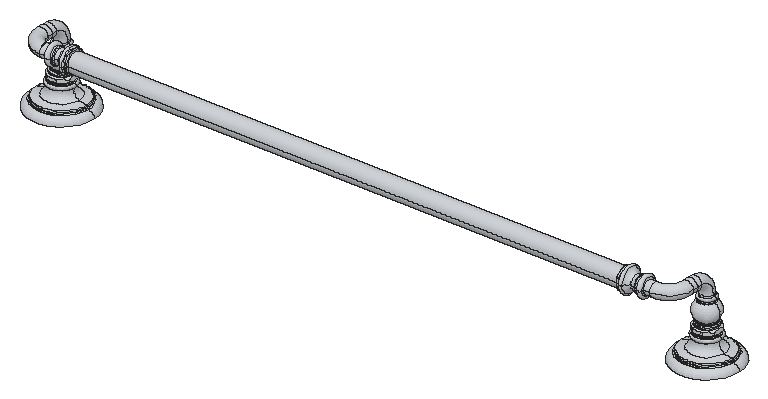
Revit family "Accessory-Towel_Bar-KOHLER-Artifacts-K-72569", category Specialty Equipment, host Face, Revit 2015
Parameters (values of type "CP-Polished Chrome")
  Width = 3 1/2"  # constant formula
  URL = "https://www.us.kohler.com/us/"
  Type = 1
  Product Page URL = "http://www.us.kohler.com/us/catalog/productDetails.jsp?productNumber=72569"
  Product Name = "Artifacts"  # constant formula
  Product Documentation Link = "http://www.us.kohler.com/onlinecatalog/pdf/K-72569_spec.pdf"
  Model = if(Type = 1, "K-72569-CP", if(Type = 2, "K-72569-SN", if(Type = 3, "K-72569-BN", if(Type = 4, "K-72569-BV", if(Type = 5, "K-72569-2BZ", if(Type = 6, "K-72569-VNT", "NA"))))))  # "K-72569-CP"
  Material = "Premium Metal Construction"  # constant formula
  MasterFormat 2004 = "10.28.13"  # constant formula
  MasterFormat 1995 = "10820"  # constant formula
  Manufacturer Address = "444 Highland Dr, Kohler, WI 53044"  # constant formula
  Manufacturer = "KOHLER Co."  # constant formula
  Length = 30"  # constant formula
  Height = 3"  # constant formula
  Finish = Kohler-Metal-CP-Polished_Chrome
  Environmental Product Declaration = ""
  Description = "30 Inch towel bar"  # constant formula
  Default Elevation = 42"
  Declare Label = ""
  Date Modified = "10/11/2018"  # constant formula
  Date Created = "10/11/2018"  # constant formula
  Copyright = "Copyright KOHLER Co."  # constant formula
  Contact Us = "https://www.us.kohler.com/us/static/contact.jsp"
  Assembly Code = "C1030200"
  ADA Compliant = 1 = 0  # no
Reference planes (in)
  plane 1 "Center (Front/Back)": y = 0
  plane 2: z = 0
  plane 3 "Center (Left/Right)": x = 0
  plane 4: z = 3.5
  plane 5: x = 15
  plane 6: x = -15
  plane 7: y = 1.49813
  plane 8: y = -1.50187
Dimensions and locks (in)
  "Width": plane 2 to plane 4
  equal spacing: plane 6, plane 3 "Center (Left/Right)", plane 5
  "Length": plane 6 to plane 5
  "Height": plane 7 to plane 8
  aligned and locked: plane 2 to host face
  aligned and locked: level to host face
  aligned and locked: plane 5 to nested 1
  aligned and locked: plane 6 to nested 1
Automatic sketch dimensions
  host sketch curve to host sketch curve = 96"  (x2)
Nested families (in)
  nested 1: "K-72569" at (0, -0.00187, 0) x (-1, 0, 0) z (0, 0, 1), type "K-72569"
Definition of nested family "K-72569"
  Parameters (values of type "K-72569")
    Towel Bar Length = 30"
    Material = none
  Reference planes (in)
    plane 1 "Center (Front/Back)": y = 0
    plane 2: z = 0
    plane 3 "Center (Left/Right)": x = 0
    plane 4 "B": x = -15
    plane 5 "C": x = 15
    plane 6 "A": z = 3.5
    plane 7: y = 1.5
    plane 8: y = -1.5
  Forms (in)
    Revolve 1, solid, material <- "Material", detail levels medium+fine
      sketch origin (0, 0, 0) x (1, 0, 0) y (0, 0, 1)
        loop
          line (-15, 2.71528) -> (-15, 0) -> (-13.49907, 0)
          arc (-13.49907, 0) -> (-13.57054, 0.1994) -> (-13.7524, 0.30799) r 0.31389
          arc (-13.7524, 0.30799) -> (-13.77514, 0.3133) -> (-13.79746, 0.32019) r 0.33281
          arc (-13.79746, 0.32019) -> (-13.81457, 0.33302) -> (-13.82108, 0.35339) r 0.03516
          line (-13.82108, 0.35339) -> (-13.82108, 0.41171)
          arc (-13.82108, 0.41171) -> (-13.8288, 0.43197) -> (-13.84805, 0.44196) r 0.03045
          arc (-13.84805, 0.44196) -> (-14.02743, 0.47459) -> (-14.20101, 0.53036) r 1.39392
          arc (-14.20101, 0.53036) -> (-14.40093, 0.71815) -> (-14.41766, 0.99193) r 0.37177
          arc (-14.41766, 0.99193) -> (-14.40906, 1.00567) -> (-14.39504, 1.0138) r 0.03371
          arc (-14.39504, 1.0138) -> (-14.35097, 1.0821) -> (-14.41237, 1.13536) r 0.06202
          line (-14.41237, 1.13536) -> (-14.45712, 1.13536)
          arc (-14.45712, 1.13536) -> (-14.47922, 1.14452) -> (-14.48837, 1.16661) r 0.03125
          line (-14.48837, 1.16661) -> (-14.48837, 1.2193)
          arc (-14.48837, 1.2193) -> (-14.47622, 1.24925) -> (-14.44663, 1.26225) r 0.04297
          line (-14.44663, 1.26225) -> (-14.35559, 1.32681) -> (-14.35559, 1.40268) -> (-14.50016, 1.48615) -> (-14.53751, 1.48615)
          arc (-14.53751, 1.48615) -> (-14.51654, 1.49483) -> (-14.50786, 1.51579) r 0.02964
          line (-14.50786, 1.51579) -> (-14.50786, 1.5771)
          arc (-14.50786, 1.5771) -> (-14.51697, 1.59909) -> (-14.53896, 1.60819) r 0.0311
          line (-14.53896, 1.60819) -> (-14.57507, 1.60819)
          arc (-14.57507, 1.60819) -> (-14.59717, 1.61735) -> (-14.60632, 1.63944) r 0.03125
          line (-14.60632, 1.63944) -> (-14.60632, 1.68221)
          arc (-14.60632, 1.68221) -> (-14.60079, 1.7072) -> (-14.58523, 1.72752) r 0.05922
          arc (-14.58523, 1.72752) -> (-14.41679, 2.11247) -> (-14.6202, 2.48014) r 0.4743
          arc (-14.6202, 2.48014) -> (-14.63871, 2.50111) -> (-14.64539, 2.52828) r 0.05859
          line (-14.64539, 2.52828) -> (-14.64539, 2.61223)
          arc (-14.64539, 2.61223) -> (-14.6012, 2.66723) -> (-14.65286, 2.71528) r 0.0518
          line (-14.65286, 2.71528) -> (-15, 2.71528)
        axis (-15, 0) -> (-15, 2.71528)
      angle from 0 to 360
    Sweep 2, solid, material <- "Material", detail levels medium+fine
      path origin (0, 0.03576, 3.5) x (0, 1, 0) y (-1, 0, 0)
        loop
          line (1.96331, 13.87008) -> (1.96331, 14.17578)
          arc (1.96331, 14.17578) -> (1.7219, 14.75859) -> (1.13909, 15) r 0.82422
          line (1.13909, 15) -> (0.88909, 15)
      profile origin (-14.02293, 1.99907, 3.5) x (0, -1, 0) y (0, 0, 1)
        loop
          circle (0, 0) r 0.29625
    Revolve 3, solid, material <- "Material", detail levels medium+fine
      sketch origin (0, 0, 3.5) x (0, 1, 0) y (-1, 0, 0)
        loop
          line (1.99907, -13.87008) -> (2.36984, -13.87008)
          arc (2.36984, -13.87008) -> (2.47634, -13.76851) -> (2.37993, -13.65732) r 0.10662
          line (2.37993, -13.65732) -> (2.37993, -13.55096)
          arc (2.37993, -13.55096) -> (2.3751, -13.53201) -> (2.3618, -13.51767) r 0.03963
          arc (2.3618, -13.51767) -> (2.34714, -13.50584) -> (2.33531, -13.49119) r 0.08906
          arc (2.33531, -13.49119) -> (2.2988, -13.3972) -> (2.30242, -13.29642) r 0.24986
          arc (2.30242, -13.29642) -> (2.38658, -13.14924) -> (2.53612, -13.06934) r 0.3064
          arc (2.53612, -13.06934) -> (2.58471, -13.01588) -> (2.54959, -12.95274) r 0.06194
          arc (2.54959, -12.95274) -> (2.52491, -12.93096) -> (2.51573, -12.89935) r 0.05903
          line (2.51573, -12.89935) -> (2.51573, -12.81717)
          arc (2.51573, -12.81717) -> (2.50701, -12.79612) -> (2.48596, -12.7874) r 0.02977
          line (2.48596, -12.7874) -> (2.43316, -12.7874) -> (2.43316, 12.7874) -> (2.48596, 12.7874)
          arc (2.48596, 12.7874) -> (2.50701, 12.79612) -> (2.51573, 12.81717) r 0.02977
          line (2.51573, 12.81717) -> (2.51573, 12.89935)
          arc (2.51573, 12.89935) -> (2.52491, 12.93096) -> (2.54959, 12.95274) r 0.05903
          arc (2.54959, 12.95274) -> (2.58471, 13.01588) -> (2.53612, 13.06934) r 0.06194
          arc (2.53612, 13.06934) -> (2.38658, 13.14924) -> (2.30242, 13.29642) r 0.3064
          arc (2.30242, 13.29642) -> (2.2988, 13.3972) -> (2.33531, 13.49119) r 0.24986
          arc (2.33531, 13.49119) -> (2.34714, 13.50584) -> (2.3618, 13.51767) r 0.08906
          arc (2.3618, 13.51767) -> (2.3751, 13.53201) -> (2.37993, 13.55096) r 0.03963
          line (2.37993, 13.55096) -> (2.37993, 13.65732)
          arc (2.37993, 13.65732) -> (2.47634, 13.76851) -> (2.36984, 13.87008) r 0.10662
          line (2.36984, 13.87008) -> (2.29531, 13.87008) -> (1.99907, 13.87008) -> (1.99907, -13.87008)
        axis (1.99907, 13.87008) -> (1.99907, -13.87008)
      angle from 0 to 360
    Extrusion 4, void
      sketch origin (0, 0, 0) x (1, 0, 0) y (0, 1, 0)
        loop
          line (-15.5625, 0.233) -> (-15.5625, -0.233) -> (-15.233, -0.5625) -> (-14.767, -0.5625) -> (-14.4375, -0.233) -> (-14.4375, 0.233) -> (-14.767, 0.5625) -> (-15.233, 0.5625) -> (-15.5625, 0.233)
        loop
          circle (-15, 0) r 0.8824
      from 1.25114 to 1.48615
    Revolve 5, solid, material <- "Material", detail levels coarse
      sketch origin (0, 0, 0) x (1, 0, 0) y (0, 0, 1)
        loop
          line (-15, 0) -> (-15, 3.06322) -> (-15.29529, 3.06322) -> (-15.29529, 2.71528) -> (-15.42493, 2.71528) -> (-16.50093, 0) -> (-15, 0)
        axis (-15, 0) -> (-15, 3.06322)
      angle from 0 to 360
    Extrusion 6, solid, material <- "Material", detail levels coarse
      sketch origin (0, 0, 0) x (1, 0, 0) y (0, 1, 0)
        loop
          line (-15.39407, -0.36557) -> (-14.62654, -0.36557) -> (-14.62654, 1.41342) -> (14.59173, 1.41342) -> (14.59173, -0.34297) -> (15.38774, -0.34297) -> (15.38774, 2.58471) -> (-15.39407, 2.58471) -> (-15.39407, -0.36557)
      from 2.9322 to 4.09825
    Revolve 7, solid, material <- "Material", detail levels coarse
      sketch origin (0, 0, 0) x (-1, 0, 0) y (0, 0, 1)
        loop
          line (-15, 0) -> (-15, 3.08391) -> (-15.29529, 3.08391) -> (-15.29529, 2.71528) -> (-15.42493, 2.71528) -> (-16.50093, 0) -> (-15, 0)
        axis (-15, 0) -> (-15, 3.08391)
      angle from 0 to 360
    Sweep 8, solid, material <- "Material", detail levels medium+fine
      path origin (-15, 0, 0) x (0, 0, -1) y (0, -1, 0)
        loop
          line (-3.5, -0.92485) -> (-3.5, -0.69922)
          arc (-3.5, -0.69922) -> (-3.2952, -0.2048) -> (-2.80078, 0) r 0.69922
          line (-2.80078, 0) -> (-2.71528, 0)
      profile origin (-15, 0, 2.75803) x (-1, 0, 0) y (0, -1, 0)
        loop
          circle (0, 0) r 0.29625
    Sweep 9, solid, material <- "Material", detail levels medium+fine
      path origin (15, 0, 0) x (0, 0, -1) y (0, -1, 0)
        loop
          line (-3.5, -0.92485) -> (-3.5, -0.69922)
          arc (-3.5, -0.69922) -> (-3.2952, -0.2048) -> (-2.80078, 0) r 0.69922
          line (-2.80078, 0) -> (-2.71528, 0)
      profile origin (15, 0, 2.75803) x (-1, 0, 0) y (0, -1, 0)
        loop
          circle (0, 0) r 0.29625
    Sweep 10, solid, material <- "Material", detail levels medium+fine
      path origin (0, 0.03576, 3.5) x (0, 1, 0) y (1, 0, 0)
        loop
          line (1.96331, 13.87008) -> (1.96331, 14.17578)
          arc (1.96331, 14.17578) -> (1.7219, 14.75859) -> (1.13909, 15) r 0.82422
          line (1.13909, 15) -> (0.88909, 15)
      profile origin (14.02293, 1.99907, 3.5) x (0, 1, 0) y (0, 0, 1)
        loop
          circle (0, 0) r 0.29625
    Revolve 11, solid, material <- "Material", detail levels medium+fine
      sketch origin (0, 0, 0) x (-1, 0, 0) y (0, 0, 1)
        loop
          line (-15, 2.71528) -> (-15, 0) -> (-13.49907, 0)
          arc (-13.49907, 0) -> (-13.57054, 0.1994) -> (-13.7524, 0.30799) r 0.31389
          arc (-13.7524, 0.30799) -> (-13.77514, 0.3133) -> (-13.79746, 0.32019) r 0.33281
          arc (-13.79746, 0.32019) -> (-13.81457, 0.33302) -> (-13.82108, 0.35339) r 0.03516
          line (-13.82108, 0.35339) -> (-13.82108, 0.41171)
          arc (-13.82108, 0.41171) -> (-13.8288, 0.43197) -> (-13.84805, 0.44196) r 0.03045
          arc (-13.84805, 0.44196) -> (-14.02743, 0.47459) -> (-14.20101, 0.53036) r 1.39392
          arc (-14.20101, 0.53036) -> (-14.40093, 0.71815) -> (-14.41766, 0.99193) r 0.37177
          arc (-14.41766, 0.99193) -> (-14.40906, 1.00567) -> (-14.39504, 1.0138) r 0.03371
          arc (-14.39504, 1.0138) -> (-14.35097, 1.0821) -> (-14.41237, 1.13536) r 0.06202
          line (-14.41237, 1.13536) -> (-14.45712, 1.13536)
          arc (-14.45712, 1.13536) -> (-14.47922, 1.14452) -> (-14.48837, 1.16661) r 0.03125
          line (-14.48837, 1.16661) -> (-14.48837, 1.2193)
          arc (-14.48837, 1.2193) -> (-14.47622, 1.24925) -> (-14.44663, 1.26225) r 0.04297
          line (-14.44663, 1.26225) -> (-14.35559, 1.32681) -> (-14.35559, 1.40268) -> (-14.50016, 1.48615) -> (-14.53751, 1.48615)
          arc (-14.53751, 1.48615) -> (-14.51654, 1.49483) -> (-14.50786, 1.51579) r 0.02964
          line (-14.50786, 1.51579) -> (-14.50786, 1.5771)
          arc (-14.50786, 1.5771) -> (-14.51697, 1.59909) -> (-14.53896, 1.60819) r 0.0311
          line (-14.53896, 1.60819) -> (-14.57507, 1.60819)
          arc (-14.57507, 1.60819) -> (-14.59717, 1.61735) -> (-14.60632, 1.63944) r 0.03125
          line (-14.60632, 1.63944) -> (-14.60632, 1.68221)
          arc (-14.60632, 1.68221) -> (-14.60079, 1.7072) -> (-14.58523, 1.72752) r 0.05922
          arc (-14.58523, 1.72752) -> (-14.41679, 2.11247) -> (-14.6202, 2.48014) r 0.4743
          arc (-14.6202, 2.48014) -> (-14.63871, 2.50111) -> (-14.64539, 2.52828) r 0.05859
          line (-14.64539, 2.52828) -> (-14.64539, 2.61223)
          arc (-14.64539, 2.61223) -> (-14.6012, 2.66723) -> (-14.65286, 2.71528) r 0.0518
          line (-14.65286, 2.71528) -> (-15, 2.71528)
        axis (-15, 0) -> (-15, 2.71528)
      angle from 0 to 360
    Extrusion 12, void
      sketch origin (0, 0, 0) x (-1, 0, 0) y (0, -1, 0)
        loop
          line (-15.5625, -0.233) -> (-15.233, -0.5625) -> (-14.767, -0.5625) -> (-14.4375, -0.233) -> (-14.4375, 0.233) -> (-14.767, 0.5625) -> (-15.233, 0.5625) -> (-15.5625, 0.233) -> (-15.5625, -0.233)
        loop
          circle (-15, 0) r 0.8824
      from 1.25114 to 1.48615
  Cuts and joins
    Extrusion 12 cuts Revolve 5
    joined: Revolve 5, Extrusion 6, Revolve 7
    Extrusion 4, Extrusion 12 cuts Revolve 1
    Extrusion 12 cuts Sweep 2
    Extrusion 12 cuts Revolve 3
    Extrusion 12 cuts Sweep 8
    Extrusion 12 cuts Revolve 11
    joined: Revolve 1, Sweep 2, Revolve 3, Sweep 8, Sweep 9, Sweep 10, Revolve 11
  Lines and regions (in)
    Masking region 1
      outline origin (0, 0, 0) x (1, 0, 0) y (0, 0, 1)
        loop
          line (-15, 0) -> (-13.49907, 0)
          arc (-13.49907, 0) -> (-13.57054, 0.1994) -> (-13.7524, 0.30799) r 0.31389
          arc (-13.7524, 0.30799) -> (-13.77514, 0.3133) -> (-13.79746, 0.32019) r 0.33281
          arc (-13.79746, 0.32019) -> (-13.81457, 0.33302) -> (-13.82108, 0.35339) r 0.03516
          line (-13.82108, 0.35339) -> (-13.82108, 0.41171)
          arc (-13.82108, 0.41171) -> (-13.8288, 0.43197) -> (-13.84805, 0.44196) r 0.03045
          arc (-13.84805, 0.44196) -> (-14.02743, 0.47459) -> (-14.20101, 0.53036) r 1.39392
          arc (-14.20101, 0.53036) -> (-14.40093, 0.71815) -> (-14.41766, 0.99193) r 0.37177
          arc (-14.41766, 0.99193) -> (-14.40906, 1.00567) -> (-14.39504, 1.0138) r 0.03371
          arc (-14.39504, 1.0138) -> (-14.35097, 1.0821) -> (-14.41237, 1.13536) r 0.06202
          line (-14.41237, 1.13536) -> (-14.45712, 1.13536)
          arc (-14.45712, 1.13536) -> (-14.47922, 1.14452) -> (-14.48837, 1.16661) r 0.03125
          line (-14.48837, 1.16661) -> (-14.48837, 1.2193)
          arc (-14.48837, 1.2193) -> (-14.48271, 1.24062) -> (-14.46722, 1.25632) r 0.04297
          line (-14.46722, 1.25632) -> (-14.4375, 1.26872) -> (-14.4375, 1.44997) -> (-14.50016, 1.48615) -> (-14.53751, 1.48615)
          arc (-14.53751, 1.48615) -> (-14.51654, 1.49483) -> (-14.50786, 1.51579) r 0.02964
          line (-14.50786, 1.51579) -> (-14.50786, 1.5771)
          arc (-14.50786, 1.5771) -> (-14.51697, 1.59909) -> (-14.53896, 1.60819) r 0.0311
          line (-14.53896, 1.60819) -> (-14.57507, 1.60819)
          arc (-14.57507, 1.60819) -> (-14.59717, 1.61735) -> (-14.60632, 1.63944) r 0.03125
          line (-14.60632, 1.63944) -> (-14.60632, 1.68221)
          arc (-14.60632, 1.68221) -> (-14.60079, 1.7072) -> (-14.58523, 1.72752) r 0.05922
          arc (-14.58523, 1.72752) -> (-14.41679, 2.11247) -> (-14.6202, 2.48014) r 0.4743
          arc (-14.6202, 2.48014) -> (-14.63871, 2.50111) -> (-14.64539, 2.52828) r 0.05859
          line (-14.64539, 2.52828) -> (-14.64539, 2.61223)
          arc (-14.64539, 2.61223) -> (-14.6012, 2.66723) -> (-14.65286, 2.71528) r 0.0518
          line (-14.65286, 2.71528) -> (-14.70375, 2.71528) -> (-14.70375, 3.20375) -> (-13.87008, 3.20375) -> (-13.87008, 3.12923)
          arc (-13.87008, 3.12923) -> (-13.76851, 3.02273) -> (-13.65732, 3.11914) r 0.10662
          line (-13.65732, 3.11914) -> (-13.55096, 3.11914)
          arc (-13.55096, 3.11914) -> (-13.53201, 3.12397) -> (-13.51767, 3.13727) r 0.03963
          arc (-13.51767, 3.13727) -> (-13.50584, 3.15192) -> (-13.49119, 3.16376) r 0.08906
          arc (-13.49119, 3.16376) -> (-13.3972, 3.20027) -> (-13.29642, 3.19665) r 0.24986
          arc (-13.29642, 3.19665) -> (-13.14924, 3.11249) -> (-13.06934, 2.96294) r 0.3064
          arc (-13.06934, 2.96294) -> (-13.01588, 2.91435) -> (-12.95274, 2.94947) r 0.06194
          arc (-12.95274, 2.94947) -> (-12.93096, 2.97416) -> (-12.89935, 2.98333) r 0.05903
          line (-12.89935, 2.98333) -> (-12.81717, 2.98333)
          arc (-12.81717, 2.98333) -> (-12.79612, 2.99205) -> (-12.7874, 3.0131) r 0.02977
          line (-12.7874, 3.0131) -> (-12.7874, 3.06591) -> (12.7874, 3.06591) -> (12.7874, 3.0131)
          arc (12.7874, 3.0131) -> (12.79612, 2.99205) -> (12.81717, 2.98333) r 0.02977
          line (12.81717, 2.98333) -> (12.89935, 2.98333)
          arc (12.89935, 2.98333) -> (12.93096, 2.97416) -> (12.95274, 2.94947) r 0.05903
          arc (12.95274, 2.94947) -> (13.01588, 2.91435) -> (13.06934, 2.96294) r 0.06194
          arc (13.06934, 2.96294) -> (13.14924, 3.11249) -> (13.29642, 3.19665) r 0.3064
          arc (13.29642, 3.19665) -> (13.3972, 3.20027) -> (13.49119, 3.16376) r 0.24986
          arc (13.49119, 3.16376) -> (13.50584, 3.15192) -> (13.51767, 3.13727) r 0.08906
          arc (13.51767, 3.13727) -> (13.53201, 3.12397) -> (13.55096, 3.11914) r 0.03963
          line (13.55096, 3.11914) -> (13.65732, 3.11914)
          arc (13.65732, 3.11914) -> (13.76851, 3.02273) -> (13.87008, 3.12923) r 0.10662
          line (13.87008, 3.12923) -> (13.87008, 3.20375) -> (14.70375, 3.20375) -> (14.70375, 2.71528) -> (14.65286, 2.71528)
          arc (14.65286, 2.71528) -> (14.6012, 2.66723) -> (14.64539, 2.61223) r 0.0518
          line (14.64539, 2.61223) -> (14.64539, 2.52828)
          arc (14.64539, 2.52828) -> (14.63871, 2.50111) -> (14.6202, 2.48014) r 0.05859
          arc (14.6202, 2.48014) -> (14.41679, 2.11247) -> (14.58523, 1.72752) r 0.4743
          arc (14.58523, 1.72752) -> (14.60079, 1.7072) -> (14.60632, 1.68221) r 0.05922
          line (14.60632, 1.68221) -> (14.60632, 1.63944)
          arc (14.60632, 1.63944) -> (14.59717, 1.61735) -> (14.57507, 1.60819) r 0.03125
          line (14.57507, 1.60819) -> (14.53896, 1.60819)
          arc (14.53896, 1.60819) -> (14.51697, 1.59909) -> (14.50786, 1.5771) r 0.0311
          line (14.50786, 1.5771) -> (14.50786, 1.51579)
          arc (14.50786, 1.51579) -> (14.51654, 1.49483) -> (14.53751, 1.48615) r 0.02964
          line (14.53751, 1.48615) -> (14.50016, 1.48615) -> (14.4375, 1.44997) -> (14.4375, 1.26872) -> (14.46722, 1.25632)
          arc (14.46722, 1.25632) -> (14.48271, 1.24062) -> (14.48837, 1.2193) r 0.04297
          line (14.48837, 1.2193) -> (14.48837, 1.16661)
          arc (14.48837, 1.16661) -> (14.47922, 1.14452) -> (14.45712, 1.13536) r 0.03125
          line (14.45712, 1.13536) -> (14.41237, 1.13536)
          arc (14.41237, 1.13536) -> (14.35097, 1.0821) -> (14.39504, 1.0138) r 0.06202
          arc (14.39504, 1.0138) -> (14.40906, 1.00567) -> (14.41766, 0.99193) r 0.03371
          arc (14.41766, 0.99193) -> (14.40093, 0.71815) -> (14.20101, 0.53036) r 0.37177
          arc (14.20101, 0.53036) -> (14.02743, 0.47459) -> (13.84805, 0.44196) r 1.39392
          arc (13.84805, 0.44196) -> (13.8288, 0.43197) -> (13.82108, 0.41171) r 0.03045
          line (13.82108, 0.41171) -> (13.82108, 0.35339)
          arc (13.82108, 0.35339) -> (13.81457, 0.33302) -> (13.79746, 0.32019) r 0.03516
          arc (13.79746, 0.32019) -> (13.77514, 0.3133) -> (13.7524, 0.30799) r 0.33281
          arc (13.7524, 0.30799) -> (13.57054, 0.1994) -> (13.49907, 0) r 0.31389
          line (13.49907, 0) -> (15, 0) -> (16.50093, 0)
          arc (16.50093, 0) -> (16.42946, 0.1994) -> (16.2476, 0.30799) r 0.31389
          arc (16.2476, 0.30799) -> (16.22486, 0.3133) -> (16.20254, 0.32019) r 0.33281
          arc (16.20254, 0.32019) -> (16.18543, 0.33302) -> (16.17892, 0.35339) r 0.03516
          line (16.17892, 0.35339) -> (16.17892, 0.41171)
          arc (16.17892, 0.41171) -> (16.1712, 0.43197) -> (16.15195, 0.44196) r 0.03045
          arc (16.15195, 0.44196) -> (15.97257, 0.47459) -> (15.79899, 0.53036) r 1.39392
          arc (15.79899, 0.53036) -> (15.59907, 0.71815) -> (15.58234, 0.99193) r 0.37177
          arc (15.58234, 0.99193) -> (15.59094, 1.00567) -> (15.60496, 1.0138) r 0.03371
          arc (15.60496, 1.0138) -> (15.64903, 1.0821) -> (15.58763, 1.13536) r 0.06202
          line (15.58763, 1.13536) -> (15.54288, 1.13536)
          arc (15.54288, 1.13536) -> (15.52078, 1.14452) -> (15.51163, 1.16661) r 0.03125
          line (15.51163, 1.16661) -> (15.51163, 1.2193)
          arc (15.51163, 1.2193) -> (15.51729, 1.24062) -> (15.53278, 1.25632) r 0.04297
          line (15.53278, 1.25632) -> (15.5625, 1.26872) -> (15.5625, 1.44997) -> (15.49984, 1.48615) -> (15.46249, 1.48615)
          arc (15.46249, 1.48615) -> (15.48346, 1.49483) -> (15.49214, 1.51579) r 0.02964
          line (15.49214, 1.51579) -> (15.49214, 1.5771)
          arc (15.49214, 1.5771) -> (15.48303, 1.59909) -> (15.46104, 1.60819) r 0.0311
          line (15.46104, 1.60819) -> (15.42493, 1.60819)
          arc (15.42493, 1.60819) -> (15.40283, 1.61735) -> (15.39368, 1.63944) r 0.03125
          line (15.39368, 1.63944) -> (15.39368, 1.68221)
          arc (15.39368, 1.68221) -> (15.39921, 1.7072) -> (15.41477, 1.72752) r 0.05922
          arc (15.41477, 1.72752) -> (15.58321, 2.11247) -> (15.3798, 2.48014) r 0.4743
          arc (15.3798, 2.48014) -> (15.36129, 2.50111) -> (15.35461, 2.52828) r 0.05859
          line (15.35461, 2.52828) -> (15.35461, 2.61223)
          arc (15.35461, 2.61223) -> (15.3988, 2.66723) -> (15.34714, 2.71528) r 0.0518
          line (15.34714, 2.71528) -> (15.29625, 2.71528) -> (15.29625, 3.5)
          arc (15.29625, 3.5) -> (15.20914, 3.70982) -> (14.99904, 3.79625) r 0.29625
          line (14.99904, 3.79625) -> (13.87008, 3.79625) -> (13.87008, 3.87077)
          arc (13.87008, 3.87077) -> (13.76851, 3.97727) -> (13.65732, 3.88086) r 0.10662
          line (13.65732, 3.88086) -> (13.55096, 3.88086)
          arc (13.55096, 3.88086) -> (13.53201, 3.87603) -> (13.51767, 3.86273) r 0.03963
          arc (13.51767, 3.86273) -> (13.50584, 3.84808) -> (13.49119, 3.83624) r 0.08906
          arc (13.49119, 3.83624) -> (13.3972, 3.79973) -> (13.29642, 3.80335) r 0.24986
          arc (13.29642, 3.80335) -> (13.14924, 3.88751) -> (13.06934, 4.03706) r 0.3064
          arc (13.06934, 4.03706) -> (13.01588, 4.08565) -> (12.95274, 4.05053) r 0.06194
          arc (12.95274, 4.05053) -> (12.93096, 4.02584) -> (12.89935, 4.01667) r 0.05903
          line (12.89935, 4.01667) -> (12.81717, 4.01667)
          arc (12.81717, 4.01667) -> (12.79612, 4.00795) -> (12.7874, 3.9869) r 0.02977
          line (12.7874, 3.9869) -> (12.7874, 3.93409) -> (-12.7874, 3.93409) -> (-12.7874, 3.9869)
          arc (-12.7874, 3.9869) -> (-12.79612, 4.00795) -> (-12.81717, 4.01667) r 0.02977
          line (-12.81717, 4.01667) -> (-12.89935, 4.01667)
          arc (-12.89935, 4.01667) -> (-12.93096, 4.02584) -> (-12.95274, 4.05053) r 0.05903
          arc (-12.95274, 4.05053) -> (-13.01588, 4.08565) -> (-13.06934, 4.03706) r 0.06194
          arc (-13.06934, 4.03706) -> (-13.14924, 3.88751) -> (-13.29642, 3.80335) r 0.3064
          arc (-13.29642, 3.80335) -> (-13.3972, 3.79973) -> (-13.49119, 3.83624) r 0.24986
          arc (-13.49119, 3.83624) -> (-13.50584, 3.84808) -> (-13.51767, 3.86273) r 0.08906
          arc (-13.51767, 3.86273) -> (-13.53201, 3.87603) -> (-13.55096, 3.88086) r 0.03963
          line (-13.55096, 3.88086) -> (-13.65732, 3.88086)
          arc (-13.65732, 3.88086) -> (-13.76851, 3.97727) -> (-13.87008, 3.87077) r 0.10662
          line (-13.87008, 3.87077) -> (-13.87008, 3.79625) -> (-14.99904, 3.79625)
          arc (-14.99904, 3.79625) -> (-15.20914, 3.70982) -> (-15.29625, 3.5) r 0.29625
          line (-15.29625, 3.5) -> (-15.29625, 2.71528) -> (-15.34714, 2.71528)
          arc (-15.34714, 2.71528) -> (-15.3988, 2.66723) -> (-15.35461, 2.61223) r 0.0518
          line (-15.35461, 2.61223) -> (-15.35461, 2.52828)
          arc (-15.35461, 2.52828) -> (-15.36129, 2.50111) -> (-15.3798, 2.48014) r 0.05859
          arc (-15.3798, 2.48014) -> (-15.58321, 2.11247) -> (-15.41477, 1.72752) r 0.4743
          arc (-15.41477, 1.72752) -> (-15.39921, 1.7072) -> (-15.39368, 1.68221) r 0.05922
          line (-15.39368, 1.68221) -> (-15.39368, 1.63944)
          arc (-15.39368, 1.63944) -> (-15.40283, 1.61735) -> (-15.42493, 1.60819) r 0.03125
          line (-15.42493, 1.60819) -> (-15.46104, 1.60819)
          arc (-15.46104, 1.60819) -> (-15.48303, 1.59909) -> (-15.49214, 1.5771) r 0.0311
          line (-15.49214, 1.5771) -> (-15.49214, 1.51579)
          arc (-15.49214, 1.51579) -> (-15.48346, 1.49483) -> (-15.46249, 1.48615) r 0.02964
          line (-15.46249, 1.48615) -> (-15.49984, 1.48615) -> (-15.5625, 1.44997) -> (-15.5625, 1.26872) -> (-15.53278, 1.25632)
          arc (-15.53278, 1.25632) -> (-15.51729, 1.24062) -> (-15.51163, 1.2193) r 0.04297
          line (-15.51163, 1.2193) -> (-15.51163, 1.16661)
          arc (-15.51163, 1.16661) -> (-15.52078, 1.14452) -> (-15.54288, 1.13536) r 0.03125
          line (-15.54288, 1.13536) -> (-15.58763, 1.13536)
          arc (-15.58763, 1.13536) -> (-15.64903, 1.0821) -> (-15.60496, 1.0138) r 0.06202
          arc (-15.60496, 1.0138) -> (-15.59094, 1.00567) -> (-15.58234, 0.99193) r 0.03371
          arc (-15.58234, 0.99193) -> (-15.59907, 0.71815) -> (-15.79899, 0.53036) r 0.37177
          arc (-15.79899, 0.53036) -> (-15.97257, 0.47459) -> (-16.15195, 0.44196) r 1.39392
          arc (-16.15195, 0.44196) -> (-16.1712, 0.43197) -> (-16.17892, 0.41171) r 0.03045
          line (-16.17892, 0.41171) -> (-16.17892, 0.35339)
          arc (-16.17892, 0.35339) -> (-16.18543, 0.33302) -> (-16.20254, 0.32019) r 0.03516
          arc (-16.20254, 0.32019) -> (-16.22486, 0.3133) -> (-16.2476, 0.30799) r 0.33281
          arc (-16.2476, 0.30799) -> (-16.42946, 0.1994) -> (-16.50093, 0) r 0.31389
          line (-16.50093, 0) -> (-15, 0)
    Masking region 2
      outline origin (0, 0, 0) x (0, 1, 0) y (0, 0, 1)
        loop
          arc (-1.20254, 0.32019) -> (-1.2249, 0.31329) -> (-1.2477, 0.30797) r 0.33281
          arc (-1.2477, 0.30797) -> (-1.42924, 0.19936) -> (-1.5, 0) r 0.3125
          line (-1.5, 0) -> (0, 0) -> (1.5, 0)
          arc (1.5, 0) -> (1.42924, 0.19936) -> (1.2477, 0.30797) r 0.3125
          arc (1.2477, 0.30797) -> (1.2249, 0.31329) -> (1.20254, 0.32019) r 0.33281
          arc (1.20254, 0.32019) -> (1.18543, 0.33302) -> (1.17892, 0.35339) r 0.03516
          line (1.17892, 0.35339) -> (1.17892, 0.41171)
          arc (1.17892, 0.41171) -> (1.1712, 0.43197) -> (1.15195, 0.44196) r 0.03045
          arc (1.15195, 0.44196) -> (0.97257, 0.47459) -> (0.79899, 0.53036) r 1.39392
          arc (0.79899, 0.53036) -> (0.59907, 0.71815) -> (0.58234, 0.99193) r 0.37177
          arc (0.58234, 0.99193) -> (0.59094, 1.00567) -> (0.60496, 1.0138) r 0.03371
          arc (0.60496, 1.0138) -> (0.64903, 1.0821) -> (0.58763, 1.13536) r 0.06202
          line (0.58763, 1.13536) -> (0.54288, 1.13536)
          arc (0.54288, 1.13536) -> (0.52078, 1.14452) -> (0.51163, 1.16661) r 0.03125
          line (0.51163, 1.16661) -> (0.51163, 1.2193)
          arc (0.51163, 1.2193) -> (0.51671, 1.23957) -> (0.53076, 1.25505) r 0.04297
          line (0.53076, 1.25505) -> (0.5625, 1.26873) -> (0.5625, 1.44997) -> (0.49984, 1.48615) -> (0.46249, 1.48615)
          arc (0.46249, 1.48615) -> (0.48346, 1.49483) -> (0.49214, 1.51579) r 0.02964
          line (0.49214, 1.51579) -> (0.49214, 1.5771)
          arc (0.49214, 1.5771) -> (0.48303, 1.59909) -> (0.46104, 1.60819) r 0.0311
          line (0.46104, 1.60819) -> (0.42493, 1.60819)
          arc (0.42493, 1.60819) -> (0.40283, 1.61735) -> (0.39368, 1.63944) r 0.03125
          line (0.39368, 1.63944) -> (0.39368, 1.68221)
          arc (0.39368, 1.68221) -> (0.39921, 1.7072) -> (0.41477, 1.72752) r 0.05922
          arc (0.41477, 1.72752) -> (0.58321, 2.11247) -> (0.3798, 2.48014) r 0.4743
          arc (0.3798, 2.48014) -> (0.36129, 2.50111) -> (0.35461, 2.52828) r 0.05859
          line (0.35461, 2.52828) -> (0.35461, 2.61223)
          arc (0.35461, 2.61223) -> (0.3988, 2.66723) -> (0.34714, 2.71528) r 0.0518
          line (0.34714, 2.71528) -> (0.29625, 2.71528) -> (0.29625, 2.82558)
          arc (0.29625, 2.82558) -> (0.42429, 3.09453) -> (0.70142, 3.20377) r 0.40613
          line (0.70142, 3.20377) -> (1.49347, 3.20377)
          arc (1.49347, 3.20377) -> (2.58505, 3.5) -> (1.49347, 3.79623) r 0.58599
          line (1.49347, 3.79623) -> (0.70142, 3.79623)
          arc (0.70142, 3.79623) -> (-0.00364, 3.50483) -> (-0.2961, 2.80051) r 0.99432
          line (-0.2961, 2.80051) -> (-0.2961, 2.71528) -> (-0.34714, 2.71528)
          arc (-0.34714, 2.71528) -> (-0.3988, 2.66723) -> (-0.35461, 2.61223) r 0.0518
          line (-0.35461, 2.61223) -> (-0.35461, 2.52828)
          arc (-0.35461, 2.52828) -> (-0.36129, 2.50111) -> (-0.3798, 2.48014) r 0.05859
          arc (-0.3798, 2.48014) -> (-0.58321, 2.11247) -> (-0.41477, 1.72752) r 0.4743
          arc (-0.41477, 1.72752) -> (-0.39921, 1.7072) -> (-0.39368, 1.68221) r 0.05922
          line (-0.39368, 1.68221) -> (-0.39368, 1.63944)
          arc (-0.39368, 1.63944) -> (-0.40283, 1.61735) -> (-0.42493, 1.60819) r 0.03125
          line (-0.42493, 1.60819) -> (-0.46104, 1.60819)
          arc (-0.46104, 1.60819) -> (-0.48303, 1.59909) -> (-0.49214, 1.5771) r 0.0311
          line (-0.49214, 1.5771) -> (-0.49214, 1.51579)
          arc (-0.49214, 1.51579) -> (-0.48346, 1.49483) -> (-0.46249, 1.48615) r 0.02964
          line (-0.46249, 1.48615) -> (-0.49984, 1.48615) -> (-0.5625, 1.44997) -> (-0.5625, 1.26873) -> (-0.53076, 1.25505)
          arc (-0.53076, 1.25505) -> (-0.51671, 1.23957) -> (-0.51163, 1.2193) r 0.04297
          line (-0.51163, 1.2193) -> (-0.51163, 1.16661)
          arc (-0.51163, 1.16661) -> (-0.52078, 1.14452) -> (-0.54288, 1.13536) r 0.03125
          line (-0.54288, 1.13536) -> (-0.58763, 1.13536)
          arc (-0.58763, 1.13536) -> (-0.64903, 1.0821) -> (-0.60496, 1.0138) r 0.06202
          arc (-0.60496, 1.0138) -> (-0.59094, 1.00567) -> (-0.58234, 0.99193) r 0.03371
          arc (-0.58234, 0.99193) -> (-0.59907, 0.71815) -> (-0.79899, 0.53036) r 0.37177
          arc (-0.79899, 0.53036) -> (-0.97257, 0.47459) -> (-1.15195, 0.44196) r 1.39392
          arc (-1.15195, 0.44196) -> (-1.1712, 0.43197) -> (-1.17892, 0.41171) r 0.03045
          line (-1.17892, 0.41171) -> (-1.17892, 0.35339)
          arc (-1.17892, 0.35339) -> (-1.18543, 0.33302) -> (-1.20254, 0.32019) r 0.03516
    Masking region 3
      outline origin (0, 0, 0) x (1, 0, 0) y (0, 1, 0)
        loop
          line (-13.87008, 2.36984) -> (-13.87008, 2.29533) -> (-14.23211, 2.29533)
          arc (-14.23211, 2.29533) -> (-14.87444, 2.05219) -> (-15.25406, 1.47984) r 1.11993
          arc (-15.25406, 1.47984) -> (-15.06275, -1.49974) -> (-14.62437, 1.45362) r 1.50124
          arc (-14.62437, 1.45362) -> (-14.43172, 1.63653) -> (-14.17453, 1.70306) r 0.53033
          line (-14.17453, 1.70306) -> (-13.87008, 1.70306) -> (-13.87008, 1.62829)
          arc (-13.87008, 1.62829) -> (-13.76851, 1.52179) -> (-13.65732, 1.6182) r 0.10662
          line (-13.65732, 1.6182) -> (-13.55096, 1.6182)
          arc (-13.55096, 1.6182) -> (-13.53201, 1.62303) -> (-13.51767, 1.63633) r 0.03963
          arc (-13.51767, 1.63633) -> (-13.50584, 1.65099) -> (-13.49119, 1.66282) r 0.08906
          arc (-13.49119, 1.66282) -> (-13.3972, 1.69933) -> (-13.29642, 1.69571) r 0.24986
          arc (-13.29642, 1.69571) -> (-13.14924, 1.61155) -> (-13.06934, 1.46201) r 0.3064
          arc (-13.06934, 1.46201) -> (-13.01588, 1.41342) -> (-12.95274, 1.44854) r 0.06194
          arc (-12.95274, 1.44854) -> (-12.93096, 1.47322) -> (-12.89935, 1.4824) r 0.05903
          line (-12.89935, 1.4824) -> (-12.81717, 1.4824)
          arc (-12.81717, 1.4824) -> (-12.79612, 1.49112) -> (-12.7874, 1.51217) r 0.02977
          line (-12.7874, 1.51217) -> (-12.7874, 1.56497) -> (12.7874, 1.56497) -> (12.7874, 1.51217)
          arc (12.7874, 1.51217) -> (12.79612, 1.49112) -> (12.81717, 1.4824) r 0.02977
          line (12.81717, 1.4824) -> (12.89935, 1.4824)
          arc (12.89935, 1.4824) -> (12.93096, 1.47322) -> (12.95274, 1.44854) r 0.05903
          arc (12.95274, 1.44854) -> (13.01588, 1.41342) -> (13.06934, 1.46201) r 0.06194
          arc (13.06934, 1.46201) -> (13.14924, 1.61155) -> (13.29642, 1.69571) r 0.3064
          arc (13.29642, 1.69571) -> (13.3972, 1.69933) -> (13.49119, 1.66282) r 0.24986
          arc (13.49119, 1.66282) -> (13.50584, 1.65099) -> (13.51767, 1.63633) r 0.08906
          arc (13.51767, 1.63633) -> (13.53201, 1.62303) -> (13.55096, 1.6182) r 0.03963
          line (13.55096, 1.6182) -> (13.65732, 1.6182)
          arc (13.65732, 1.6182) -> (13.76851, 1.52179) -> (13.87008, 1.62829) r 0.10662
          line (13.87008, 1.62829) -> (13.87008, 1.70378) -> (14.17446, 1.70378)
          arc (14.17446, 1.70378) -> (14.43216, 1.63695) -> (14.6249, 1.45331) r 0.53025
          arc (14.6249, 1.45331) -> (15.06237, -1.49964) -> (15.25313, 1.47943) r 1.50093
          arc (15.25313, 1.47943) -> (14.8514, 2.06766) -> (14.17611, 2.29435) r 1.11918
          line (14.17611, 2.29435) -> (13.87008, 2.29435) -> (13.87008, 2.36984)
          arc (13.87008, 2.36984) -> (13.76851, 2.47634) -> (13.65732, 2.37993) r 0.10662
          line (13.65732, 2.37993) -> (13.55096, 2.37993)
          arc (13.55096, 2.37993) -> (13.53201, 2.3751) -> (13.51767, 2.3618) r 0.03963
          arc (13.51767, 2.3618) -> (13.50584, 2.34714) -> (13.49119, 2.33531) r 0.08906
          arc (13.49119, 2.33531) -> (13.3972, 2.2988) -> (13.29642, 2.30242) r 0.24986
          arc (13.29642, 2.30242) -> (13.14924, 2.38658) -> (13.06934, 2.53612) r 0.3064
          arc (13.06934, 2.53612) -> (13.01588, 2.58471) -> (12.95274, 2.54959) r 0.06194
          arc (12.95274, 2.54959) -> (12.93096, 2.52491) -> (12.89935, 2.51573) r 0.05903
          line (12.89935, 2.51573) -> (12.81717, 2.51573)
          arc (12.81717, 2.51573) -> (12.79612, 2.50701) -> (12.7874, 2.48596) r 0.02977
          line (12.7874, 2.48596) -> (12.7874, 2.43316) -> (-12.7874, 2.43316) -> (-12.7874, 2.48596)
          arc (-12.7874, 2.48596) -> (-12.79612, 2.50701) -> (-12.81717, 2.51573) r 0.02977
          line (-12.81717, 2.51573) -> (-12.89935, 2.51573)
          arc (-12.89935, 2.51573) -> (-12.93096, 2.52491) -> (-12.95274, 2.54959) r 0.05903
          arc (-12.95274, 2.54959) -> (-13.01588, 2.58471) -> (-13.06934, 2.53612) r 0.06194
          arc (-13.06934, 2.53612) -> (-13.14924, 2.38658) -> (-13.29642, 2.30242) r 0.3064
          arc (-13.29642, 2.30242) -> (-13.3972, 2.2988) -> (-13.49119, 2.33531) r 0.24986
          arc (-13.49119, 2.33531) -> (-13.50584, 2.34714) -> (-13.51767, 2.3618) r 0.08906
          arc (-13.51767, 2.3618) -> (-13.53201, 2.3751) -> (-13.55096, 2.37993) r 0.03963
          line (-13.55096, 2.37993) -> (-13.65732, 2.37993)
          arc (-13.65732, 2.37993) -> (-13.76851, 2.47634) -> (-13.87008, 2.36984) r 0.10662
    symbolic lines, detail levels medium+fine
      curve 1: line (-15.54699, 0, 1.26225) -> (-14.45301, 0, 1.26225)
      curve 2: spline (-14.4375, 0, 1.30159) -> (-14.46441, 0, 1.29159) -> (-14.49161, 0, 1.28338) -> (-14.51906, 0, 1.27698) -> (-14.54669, 0, 1.2724) -> (-14.57444, 0, 1.26964) -> (-14.60225, 0, 1.26872) -> (-14.63006, 0, 1.26964) -> (-14.65781, 0, 1.2724) -> (-14.68544, 0, 1.27698) -> (-14.71289, 0, 1.28338) -> (-14.7401, 0, 1.29159) -> (-14.767, 0, 1.30159)
      curve 3: arc (-14.767, 0, 1.30159) -> (-15, 0, 1.26872) -> (-15.233, 0, 1.30159) r 0.84235
      curve 4: spline (-15.233, 0, 1.30159) -> (-15.2599, 0, 1.29159) -> (-15.28711, 0, 1.28338) -> (-15.31456, 0, 1.27698) -> (-15.34219, 0, 1.2724) -> (-15.36994, 0, 1.26964) -> (-15.39775, 0, 1.26872) -> (-15.42556, 0, 1.26964) -> (-15.45331, 0, 1.2724) -> (-15.48094, 0, 1.27698) -> (-15.50839, 0, 1.28338) -> (-15.53559, 0, 1.29159) -> (-15.5625, 0, 1.30159)
      curve 5: line (-15.5625, 0, 1.30159) -> (-15.5625, 0, 1.26872)
      curve 6: spline (-15.5625, 0, 1.42321) -> (-15.53541, 0, 1.43136) -> (-15.50812, 0, 1.43805) -> (-15.48067, 0, 1.44326) -> (-15.45309, 0, 1.44698) -> (-15.42544, 0, 1.44922) -> (-15.39775, 0, 1.44997) -> (-15.37005, 0, 1.44922) -> (-15.3424, 0, 1.44698) -> (-15.31483, 0, 1.44326) -> (-15.28738, 0, 1.43805) -> (-15.26009, 0, 1.43136) -> (-15.233, 0, 1.42321)
      curve 7: arc (-15.233, 0, 1.42321) -> (-15, 0, 1.44997) -> (-14.767, 0, 1.42321) r 1.0278
      curve 8: spline (-14.767, 0, 1.42321) -> (-14.73991, 0, 1.43136) -> (-14.71262, 0, 1.43805) -> (-14.68517, 0, 1.44326) -> (-14.6576, 0, 1.44698) -> (-14.62995, 0, 1.44922) -> (-14.60225, 0, 1.44997) -> (-14.57456, 0, 1.44922) -> (-14.54691, 0, 1.44698) -> (-14.51933, 0, 1.44326) -> (-14.49188, 0, 1.43805) -> (-14.46459, 0, 1.43136) -> (-14.4375, 0, 1.42321)
      curve 9: line (-15.233, 0, 1.42321) -> (-15.233, 0, 1.30159)
      curve 10: line (-14.767, 0, 1.42321) -> (-14.767, 0, 1.30159)
      curve 11: line (-15.46249, 0, 1.48615) -> (-14.53751, 0, 1.48615)
      curve 12: line (-15.42493, 0, 1.60819) -> (-14.57507, 0, 1.60819)
      curve 13: line (-15.54288, 0, 1.13536) -> (-14.45712, 0, 1.13536)
      curve 14: line (-15.60496, 0, 1.0138) -> (-14.39504, 0, 1.0138)
      curve 15: line (-16.15195, 0, 0.44196) -> (-13.84805, 0, 0.44196)
      curve 16: line (-16.20254, 0, 0.32019) -> (-13.79746, 0, 0.32019)
      curve 17: line (-15.39368, 0, 1.68221) -> (-14.60632, 0, 1.68221)
      curve 18: line (15.54699, 0, 1.26225) -> (14.45301, 0, 1.26225)
      curve 19: spline (14.4375, 0, 1.30159) -> (14.46441, 0, 1.29159) -> (14.49161, 0, 1.28338) -> (14.51906, 0, 1.27698) -> (14.54669, 0, 1.2724) -> (14.57444, 0, 1.26964) -> (14.60225, 0, 1.26872) -> (14.63006, 0, 1.26964) -> (14.65781, 0, 1.2724) -> (14.68544, 0, 1.27698) -> (14.71289, 0, 1.28338) -> (14.7401, 0, 1.29159) -> (14.767, 0, 1.30159)
      curve 20: arc (14.767, 0, 1.30159) -> (15, 0, 1.26872) -> (15.233, 0, 1.30159) r 0.84235
      curve 21: spline (15.233, 0, 1.30159) -> (15.2599, 0, 1.29159) -> (15.28711, 0, 1.28338) -> (15.31456, 0, 1.27698) -> (15.34219, 0, 1.2724) -> (15.36994, 0, 1.26964) -> (15.39775, 0, 1.26872) -> (15.42556, 0, 1.26964) -> (15.45331, 0, 1.2724) -> (15.48094, 0, 1.27698) -> (15.50839, 0, 1.28338) -> (15.53559, 0, 1.29159) -> (15.5625, 0, 1.30159)
      curve 22: line (15.5625, 0, 1.30159) -> (15.5625, 0, 1.26872)
      curve 23: spline (15.5625, 0, 1.42321) -> (15.53541, 0, 1.43136) -> (15.50812, 0, 1.43805) -> (15.48067, 0, 1.44326) -> (15.45309, 0, 1.44698) -> (15.42544, 0, 1.44922) -> (15.39775, 0, 1.44997) -> (15.37005, 0, 1.44922) -> (15.3424, 0, 1.44698) -> (15.31483, 0, 1.44326) -> (15.28738, 0, 1.43805) -> (15.26009, 0, 1.43136) -> (15.233, 0, 1.42321)
      curve 24: arc (15.233, 0, 1.42321) -> (15, 0, 1.44997) -> (14.767, 0, 1.42321) r 1.0278
      curve 25: spline (14.767, 0, 1.42321) -> (14.73991, 0, 1.43136) -> (14.71262, 0, 1.43805) -> (14.68517, 0, 1.44326) -> (14.6576, 0, 1.44698) -> (14.62995, 0, 1.44922) -> (14.60225, 0, 1.44997) -> (14.57456, 0, 1.44922) -> (14.54691, 0, 1.44698) -> (14.51933, 0, 1.44326) -> (14.49188, 0, 1.43805) -> (14.46459, 0, 1.43136) -> (14.4375, 0, 1.42321)
      curve 26: line (15.233, 0, 1.42321) -> (15.233, 0, 1.30159)
      curve 27: line (14.767, 0, 1.42321) -> (14.767, 0, 1.30159)
      curve 28: line (15.46249, 0, 1.48615) -> (14.53751, 0, 1.48615)
      curve 29: line (15.42493, 0, 1.60819) -> (14.57507, 0, 1.60819)
      curve 30: line (15.54288, 0, 1.13536) -> (14.45712, 0, 1.13536)
      curve 31: line (15.60496, 0, 1.0138) -> (14.39504, 0, 1.0138)
      curve 32: line (16.15195, 0, 0.44196) -> (13.84805, 0, 0.44196)
      curve 33: line (16.20254, 0, 0.32019) -> (13.79746, 0, 0.32019)
      curve 34: line (15.39368, 0, 1.68221) -> (14.60632, 0, 1.68221)
      curve 35: line (0, 1.20254, 0.32019) -> (0, -1.20254, 0.32019)
      curve 36: line (0, 1.15195, 0.44196) -> (0, -1.15195, 0.44196)
      curve 37: line (0, 0.60496, 1.0138) -> (0, -0.60496, 1.0138)
      curve 38: line (0, 0.54288, 1.13536) -> (0, -0.54288, 1.13536)
      curve 39: arc (0, 0, 1.26872) -> (0, 0.1176, 1.27735) -> (0, 0.233, 1.30159) r 0.88158
      curve 40: spline (0, 0.233, 1.30159) -> (0, 0.2599, 1.29159) -> (0, 0.28711, 1.28338) -> (0, 0.31456, 1.27698) -> (0, 0.34219, 1.2724) -> (0, 0.36994, 1.26964) -> (0, 0.39775, 1.26872) -> (0, 0.42556, 1.26964) -> (0, 0.45331, 1.2724) -> (0, 0.48094, 1.27698) -> (0, 0.50839, 1.28338) -> (0, 0.53559, 1.29159) -> (0, 0.5625, 1.30159)
      curve 41: spline (0, -0.5625, 1.30159) -> (0, -0.53559, 1.29159) -> (0, -0.50839, 1.28338) -> (0, -0.48094, 1.27698) -> (0, -0.45331, 1.2724) -> (0, -0.42556, 1.26964) -> (0, -0.39775, 1.26872) -> (0, -0.36994, 1.26964) -> (0, -0.34219, 1.2724) -> (0, -0.31456, 1.27698) -> (0, -0.28711, 1.28338) -> (0, -0.2599, 1.29159) -> (0, -0.233, 1.30159)
      curve 42: arc (0, -0.233, 1.30159) -> (0, -0.1176, 1.27735) -> (0, 0, 1.26872) r 0.88158
      curve 43: line (0, 0, 1.48615) -> (0, 0, 1.44997)
      curve 44: arc (0, 0, 1.44997) -> (0, -0.11723, 1.44299) -> (0, -0.233, 1.42321) r 1.07036
      curve 45: spline (0, -0.233, 1.42321) -> (0, -0.26009, 1.43136) -> (0, -0.28738, 1.43805) -> (0, -0.31483, 1.44326) -> (0, -0.3424, 1.44698) -> (0, -0.37005, 1.44922) -> (0, -0.39775, 1.44997) -> (0, -0.42544, 1.44922) -> (0, -0.45309, 1.44698) -> (0, -0.48067, 1.44326) -> (0, -0.50812, 1.43805) -> (0, -0.53541, 1.43136) -> (0, -0.5625, 1.42321)
      curve 46: spline (0, 0.5625, 1.42321) -> (0, 0.53541, 1.43136) -> (0, 0.50812, 1.43805) -> (0, 0.48067, 1.44326) -> (0, 0.45309, 1.44698) -> (0, 0.42544, 1.44922) -> (0, 0.39775, 1.44997) -> (0, 0.37005, 1.44922) -> (0, 0.3424, 1.44698) -> (0, 0.31483, 1.44326) -> (0, 0.28738, 1.43805) -> (0, 0.26009, 1.43136) -> (0, 0.233, 1.42321)
      curve 47: arc (0, 0.233, 1.42321) -> (0, 0.11723, 1.44299) -> (0, 0, 1.44997) r 1.07036
      curve 48: line (0, 0, 1.44997) -> (0, 0, 1.48615)
      curve 49: line (0, 0.233, 1.42321) -> (0, 0.233, 1.30159)
      curve 50: line (0, -0.233, 1.30159) -> (0, -0.233, 1.42321)
      curve 51: line (0, -0.46249, 1.48615) -> (0, 0.46249, 1.48615)
      curve 52: line (0, 0.42493, 1.60819) -> (0, -0.42493, 1.60819)
      curve 53: line (0, 0.41477, 1.72752) -> (0, -0.41477, 1.72752)
      curve 54: line (0, 0.35461, 2.52828) -> (0, -0.35461, 2.52828)
      curve 55: line (0, 0.35461, 2.61223) -> (0, -0.35461, 2.61223)
      curve 56: line (0, 0.29529, 2.71528) -> (0, -0.29529, 2.71528)
      curve 57: line (0, 0.54747, 1.26225) -> (0, -0.54747, 1.26225)
      curve 58: line (-13.87008, 2.29531, 0) -> (-13.87008, 1.70282, 0)
      curve 59: line (-13.65732, 2.37993, 0) -> (-13.65732, 1.6182, 0)
      curve 60: line (-13.51767, 1.63633, 0) -> (-13.51767, 2.3618, 0)
      curve 61: line (-13.06934, 2.53612, 0) -> (-13.06934, 1.46201, 0)
      curve 62: line (-12.95274, 1.44854, 0) -> (-12.95274, 2.54959, 0)
      curve 63: line (-12.7874, 2.43316, 0) -> (-12.7874, 1.56497, 0)
      curve 64: line (-15.29529, 0, 0) -> (-15.29529, 1.20508, 0)
      curve 65: line (-14.7048, 0, 0) -> (-14.7048, 1.17583, 0)
      curve 66: arc (-14.7048, 0, 0) -> (-15.00004, -0.29525, 0) -> (-15.29529, 0, 0) r 0.29525
      curve 67: arc (-15.29529, 0.26919, 0) -> (-15.00003, -0.39953, 0) -> (-14.7048, 0.2692, 0) r 0.39954
      curve 68: arc (-15.29529, 0.50331, 0) -> (-15.00004, -0.58352, 0) -> (-14.7048, 0.50331, 0) r 0.58352
      curve 69: arc (-15.29529, 0.57863, 0) -> (-15.00004, -0.6496, 0) -> (-14.7048, 0.57863, 0) r 0.6496
      curve 70: arc (-15.29529, 1.1408, 0) -> (-14.99996, -1.1784, 0) -> (-14.7048, 1.14083, 0) r 1.1784
      curve 71: line (-15.5625, -0.233, 0) -> (-15.5625, -0.15535, 0)
      curve 72: line (-15.5625, -0.233, 0) -> (-15.50759, -0.28791, 0)
      curve 73: line (-15.233, -0.5625, 0) -> (-15.15524, -0.5625, 0)
      curve 74: line (-15.233, -0.5625, 0) -> (-15.28795, -0.50755, 0)
      curve 75: line (-14.4375, -0.233, 0) -> (-14.4375, -0.15506, 0)
      curve 76: line (-14.4375, -0.233, 0) -> (-14.4926, -0.2881, 0)
      curve 77: line (-14.767, -0.5625, 0) -> (-14.84484, -0.5625, 0)
      curve 78: line (-14.767, -0.5625, 0) -> (-14.71194, -0.50744, 0)
      curve 79: line (-15.5625, 0.233, 0) -> (-15.5625, 0.15535, 0)
      curve 80: line (-15.5625, 0.233, 0) -> (-15.50759, 0.28791, 0)
      curve 81: line (-14.4375, 0.233, 0) -> (-14.4375, 0.15506, 0)
      curve 82: line (-14.4375, 0.233, 0) -> (-14.4926, 0.2881, 0)
      curve 83: line (13.87008, 2.29435, 0) -> (13.87008, 1.70378, 0)
      curve 84: line (13.65732, 2.37993, 0) -> (13.65732, 1.6182, 0)
      curve 85: line (13.51767, 1.63633, 0) -> (13.51767, 2.3618, 0)
      curve 86: line (13.06934, 2.53612, 0) -> (13.06934, 1.46201, 0)
      curve 87: line (12.95274, 1.44854, 0) -> (12.95274, 2.54959, 0)
      curve 88: line (12.7874, 2.43316, 0) -> (12.7874, 1.56497, 0)
      curve 89: line (15.29529, 0, 0) -> (15.29529, 1.20508, 0)
      curve 90: line (14.7048, 0, 0) -> (14.7048, 1.17583, 0)
      curve 91: arc (14.7048, 0, 0) -> (15.00004, -0.29525, 0) -> (15.29529, 0, 0) r 0.29525
      curve 92: arc (15.29529, 0.26919, 0) -> (15.00003, -0.39953, 0) -> (14.7048, 0.2692, 0) r 0.39954
      curve 93: arc (15.29529, 0.50331, 0) -> (15.00004, -0.58352, 0) -> (14.7048, 0.50331, 0) r 0.58352
      curve 94: arc (15.29529, 0.57863, 0) -> (15.00004, -0.6496, 0) -> (14.7048, 0.57863, 0) r 0.6496
      curve 95: arc (15.29529, 1.1408, 0) -> (14.99996, -1.1784, 0) -> (14.7048, 1.14083, 0) r 1.1784
      curve 96: line (15.5625, -0.233, 0) -> (15.5625, -0.15535, 0)
      curve 97: line (15.5625, -0.233, 0) -> (15.50759, -0.28791, 0)
      curve 98: line (15.233, -0.5625, 0) -> (15.15524, -0.5625, 0)
      curve 99: line (15.233, -0.5625, 0) -> (15.28795, -0.50755, 0)
      curve 100: line (14.4375, -0.233, 0) -> (14.4375, -0.15506, 0)
      curve 101: line (14.4375, -0.233, 0) -> (14.4926, -0.2881, 0)
      curve 102: line (14.767, -0.5625, 0) -> (14.84484, -0.5625, 0)
      curve 103: line (14.767, -0.5625, 0) -> (14.71194, -0.50744, 0)
      curve 104: line (15.5625, 0.233, 0) -> (15.5625, 0.15535, 0)
      curve 105: line (15.5625, 0.233, 0) -> (15.50759, 0.28791, 0)
      curve 106: line (14.4375, 0.233, 0) -> (14.4375, 0.15506, 0)
      curve 107: line (14.4375, 0.233, 0) -> (14.4926, 0.2881, 0)
      curve 108: arc (-14.7048, 1.17583, 0) -> (-14.68442, 1.32021, 0) -> (-14.6249, 1.45331, 0) r 0.52176
      curve 109: arc (-15.29529, 1.20508, 0) -> (-15.28469, 1.34387, 0) -> (-15.25313, 1.47943, 0) r 0.91383
      curve 110: arc (14.7048, 1.17583, 0) -> (14.68442, 1.32021, 0) -> (14.6249, 1.45331, 0) r 0.52176
      curve 111: arc (15.29529, 1.20508, 0) -> (15.28469, 1.34387, 0) -> (15.25313, 1.47943, 0) r 0.91383
      curve 112: line (-15.35461, 0, 2.52828) -> (-14.64539, 0, 2.52828)
      curve 113: line (-15.35461, 0, 2.61223) -> (-14.64539, 0, 2.61223)
      curve 114: line (-15.29625, 0, 2.71528) -> (-14.70375, 0, 2.71528)
      curve 115: line (-14.70375, 0, 3.20375) -> (-14.70375, 0, 3.5)
      curve 116: line (-13.87008, 0, 3.79625) -> (-13.87008, 0, 3.20375)
      curve 117: line (-13.65732, 0, 3.88086) -> (-13.65732, 0, 3.11914)
      curve 118: line (-13.06934, 0, 4.03706) -> (-13.06934, 0, 2.96294)
      curve 119: line (-12.95274, 0, 4.05053) -> (-12.95274, 0, 2.94947)
      curve 120: line (-12.7874, 0, 3.93409) -> (-12.7874, 0, 3.06591)
      curve 121: line (-13.51767, 0, 3.86273) -> (-13.51767, 0, 3.13727)
      curve 122: arc (-14.70375, 0, 3.5) -> (-14.79018, 0, 3.70914) -> (-14.99904, 0, 3.79625) r 0.29625
      curve 123: line (15.35461, 0, 2.52828) -> (14.64539, 0, 2.52828)
      curve 124: line (15.35461, 0, 2.61223) -> (14.64539, 0, 2.61223)
      curve 125: line (15.29625, 0, 2.71528) -> (14.70375, 0, 2.71528)
      curve 126: line (13.87008, 0, 3.79625) -> (13.87008, 0, 3.20375)
      curve 127: line (13.65732, 0, 3.88086) -> (13.65732, 0, 3.11914)
      curve 128: line (13.06934, 0, 4.03706) -> (13.06934, 0, 2.96294)
      curve 129: line (12.95274, 0, 4.05053) -> (12.95274, 0, 2.94947)
      curve 130: line (12.7874, 0, 3.93409) -> (12.7874, 0, 3.06591)
      curve 131: line (13.51767, 0, 3.86273) -> (13.51767, 0, 3.13727)
      curve 132: line (-15, 1.49347, 3.79623) -> (-15, 1.99907, 3.79623)
      curve 133: line (-15, 1.49347, 3.20377) -> (-15, 1.99907, 3.20377)
      curve 134: arc (-15, 1.99907, 3.79623) -> (-15, 2.2953, 3.5) -> (-15, 1.99907, 3.20377) r 0.29623
      curve 135: arc (-15, 1.59627, 3.79623) -> (-15, 2.49907, 3.5) -> (-15, 1.59627, 3.20377) r 0.5
      curve 136: line (14.70375, 0, 3.20375) -> (14.70375, 0, 3.5)
      curve 137: arc (14.70375, 0, 3.5) -> (14.79018, 0, 3.70914) -> (14.99904, 0, 3.79625) r 0.29625
  Dimensions and locks (in)
    "Towel Bar Length": plane 4 "B" to plane 5 "C"
    equal spacing: plane 4 "B", plane 3 "Center (Left/Right)", plane 5 "C"
    plane 6 "A" to plane 2 = 3 1/2"
    aligned and locked: plane 2 to level
    aligned and locked: plane 4 "B" to Masking region 1 sketch curve
  Automatic sketch dimensions
    curve 43 to plane 1 "Center (Front/Back)" = 0"
    plane 1 "Center (Front/Back)" to curve 47 = 0.00489"
    plane 1 "Center (Front/Back)" to curve 39 = 0.00553"
    plane 1 "Center (Front/Back)" to curve 50 = 0.233"
    curve 44 to plane 1 "Center (Front/Back)" = 0.00489"
    curve 42 to plane 1 "Center (Front/Back)" = 0.00553"
    curve 49 to plane 1 "Center (Front/Back)" = 0.233"
    level to curve 47 = 0.37962"
    curve 47 to curve 44 = 0"
    curve 47 to curve 50 = 0.92197"
    curve 42 to curve 49 = 0"
    curve 50 to curve 50 = 0.12162"
    curve 47 to curve 42 = 0.70032"
    curve 39 to curve 42 = 0"
    plane 1 "Center (Front/Back)" to curve 56 = 0.29529"
    curve 54 to curve 56 = 0.05932"
    curve 55 to curve 54 = 0"
    curve 41 to curve 41 = 0.16475"
    curve 45 to curve 50 = 0.16475"
    curve 53 to curve 45 = 0.01703"
    curve 52 to curve 53 = 0.01016"
    curve 51 to curve 45 = 0.06475"
    curve 38 to curve 41 = 0.14513"
    curve 57 to curve 38 = 0.00459"
    curve 45 to curve 51 = 0.10001"
    curve 41 to curve 57 = 0.01503"
    curve 37 to curve 38 = 0.06208"
    curve 35 to curve 36 = 0.05059"
    curve 56 to plane 1 "Center (Front/Back)" = 0.29529"
    curve 56 to curve 55 = 0.05932"
    curve 54 to curve 55 = 0"
    curve 47 to curve 46 = 0.16475"
    curve 42 to curve 40 = 0.39222"
    curve 46 to curve 53 = 0.01703"
    curve 53 to curve 52 = 0.01016"
    curve 46 to curve 51 = 0.06475"
    curve 40 to curve 38 = 0.14513"
    curve 38 to curve 57 = 0.00459"
    curve 51 to curve 46 = 0.10001"
    curve 57 to curve 40 = 0.01503"
    curve 38 to curve 37 = 0.06208"
    curve 46 to curve 36 = 0.7542"
    curve 36 to curve 35 = 0.05059"
    level to curve 35 = 0.32019"
    curve 44 to curve 46 = 0.04255"
    curve 47 to curve 45 = 0.04255"
    curve 35 to curve 36 = 0.12177"
    curve 37 to curve 41 = 0.28779"
    curve 37 to curve 38 = 0.12157"
    curve 57 to curve 41 = 0.03934"
    curve 57 to curve 41 = 0.00647"
    curve 57 to curve 40 = 0.00647"
    curve 46 to curve 46 = 0.02676"
    curve 45 to curve 45 = 0.02676"
    curve 47 to curve 48 = 0.03618"
    curve 51 to curve 52 = 0.12205"
    curve 52 to curve 53 = 0.11932"
    curve 53 to curve 41 = 0.38355"
    curve 53 to curve 40 = 0.38355"
    curve 41 to curve 54 = 0.41721"
    curve 54 to curve 55 = 0.08395"
    curve 55 to curve 56 = 0.10305"
    Revolve 1 sketch curve to level = 0"  (x2)
    plane 4 "B" to Revolve 1 sketch curve = 0"  (x2)
    Revolve 1 sketch curve to plane 4 "B" = 0.10942"
    Revolve 1 sketch curve to plane 4 "B" = 0.34714"
    Revolve 1 sketch curve to Revolve 1 sketch curve = 0.00747"
    Revolve 1 sketch curve to plane 4 "B" = 0.39368"
    Revolve 1 sketch curve to Revolve 1 sketch curve = 15/256"
    Revolve 1 sketch curve to Revolve 1 sketch curve = 1/32"  (x2)
    Revolve 1 sketch curve to Revolve 1 sketch curve = 0.02797"
    Revolve 1 sketch curve to Revolve 1 sketch curve = 0.03611"
    Revolve 1 sketch curve to Revolve 1 sketch curve = 0.00145"
    Revolve 1 sketch curve to Revolve 1 sketch curve = 0.0311"
    Revolve 1 sketch curve to Revolve 1 sketch curve = 0.0077"
    Revolve 1 sketch curve to Revolve 1 sketch curve = 0.01179"
    Revolve 1 sketch curve to Revolve 1 sketch curve = 0.04174"
    Revolve 1 sketch curve to Revolve 1 sketch curve = 0.00123"
    Revolve 1 sketch curve to Revolve 1 sketch curve = 0.04476"
    Revolve 1 sketch curve to Revolve 1 sketch curve = 0.02674"
    Revolve 1 sketch curve to Revolve 1 sketch curve = 0.09104"
    Revolve 1 sketch curve to Revolve 1 sketch curve = 0.32123"
    Revolve 1 sketch curve to Revolve 1 sketch curve = 0.21286"
    Revolve 1 sketch curve to Revolve 1 sketch curve = 0.03045"
    Revolve 1 sketch curve to Revolve 1 sketch curve = 0.00812"
    Revolve 1 sketch curve to Revolve 1 sketch curve = 9/256"
    Revolve 1 sketch curve to Revolve 1 sketch curve = 0.66683"
    Revolve 1 sketch curve to Revolve 1 sketch curve = 0.13288"
    Revolve 1 sketch curve to Revolve 1 sketch curve = 0.31389"
    level to Revolve 1 sketch curve = 0.35339"
    Revolve 1 sketch curve to Revolve 1 sketch curve = 0.05831"
    Revolve 1 sketch curve to Revolve 1 sketch curve = 0.22284"
    Revolve 1 sketch curve to Revolve 1 sketch curve = 0.24157"
    Revolve 1 sketch curve to Revolve 1 sketch curve = 0.10532"
    Revolve 1 sketch curve to Revolve 1 sketch curve = 0.09192"
    Revolve 1 sketch curve to Revolve 1 sketch curve = 0.06202"
